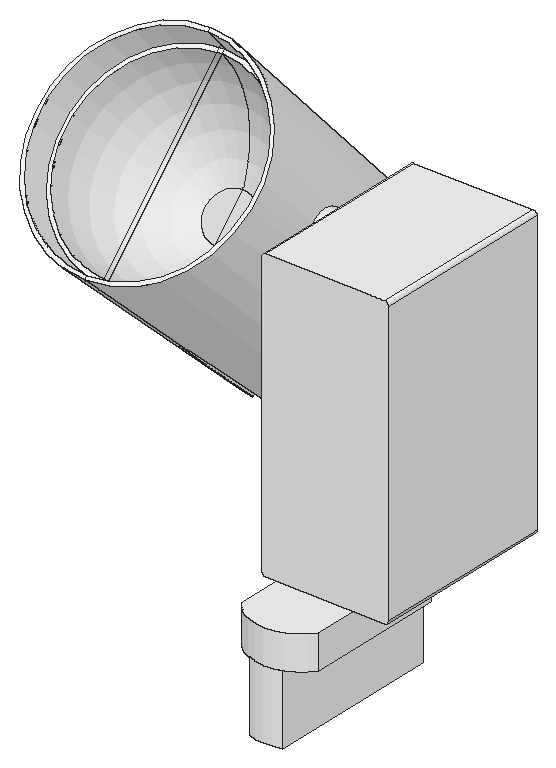
Revit family "0004876 Feilo Sylvania Lighting Fixture START TRACK SPOT S 24W 4K RA90 WB WHITE", category Lighting Fixtures, host Face, Revit 2017 (continued)
Definition of nested family "Start Track Spot Head"
  Types (96, lengths in mm): name | Wattage | built-in parameter 1150134 | Photometric Web File | Model | built-in parameter 1150105 | Lumens | built-in parameter 1150107 | built-in parameter 1150106 | HeadThickness_FEILO | HeadRibOffset_FEILO | HeadRibDepth_FEILO | HeadRibCutWidth_FEILO | HeadRibCutOffset_FEILO | HeadReflectorRadius_FEILO | HeadReflectorOffset_FEILO | HeadLEDRadius_FEILO | HeadHeight_FEILO | HeadDiffusorOffset_FEILO | HeadDiaOut_FEILO | HeadDiaIn_FEILO | HeadAxisFromTop_FEILO | Emit from Circle Diameter | built-in parameter 1150104 | Description | Apparent Load
    0004812 START TRACK SPOT S 14W 3K RA80 MB WHITE | 14 W | (empty or 0) | "0004812.ies" | "START TRACK SPOT S 14W 3K RA80 MB WHITE" | 120.32 (stored number, unit not read) | 1512 lm | 3000 (stored number, unit not read) | 1.2032 (stored number, unit not read) | 1.5 | 4.179 | 55.714 | 7.167 | 50.87 | 50.588 | 55.714 | 9.556 | 117 | 9.435 | 86 | 77.477 | 69.354 | 77.477 | 10.034 (stored number, unit not read) | "Integrated LED spotlight, Textured White - RAL9016, compact and minimalist design, ideal for retail applications, die-cast aluminium body, passive cooling heatsink. Beam angle: 36°, color temperature: 3000K , total system power: 14W, total fixture output: 1508 lm, LOR: 100%, colour rendering: Ra: 80 typical, LED Chromaticity: 3 step MacAdam ellipse, lifetime: >50000 hours at L70B50, energy class: A++, A+, A, IR/UV free light source without heat radiation, operating voltage: 220-240V / 50-60Hz, drive current: 350mA, electronic driver, non-dimmable, power factor: 0.92, electrical protection: Class II, Global Track 3 Phase adapter suitable for Global trac 3-circuit tracks, ingress protection rating: IP20, suitable for internal environment only, horizontal rotation: 355°, vertical tilt: 90°, dimensions: Ø86x140x200, weight: 0.940kg." | 14 VA
    0004811 START TRACK SPOT S 14W 3K RA80 NB WHITE | 14 W | (empty or 0) | "0004811.ies" | "START TRACK SPOT S 14W 3K RA80 NB WHITE" | 123.66 (stored number, unit not read) | 1554 lm | 3000 (stored number, unit not read) | 1.2366 (stored number, unit not read) | 1.5 | 4.179 | 55.714 | 7.167 | 50.87 | 50.588 | 55.714 | 9.556 | 117 | 9.435 | 86 | 77.477 | 69.354 | 77.477 | 10.312 (stored number, unit not read) | "Integrated LED spotlight, Textured White - RAL9016, compact and minimalist design, ideal for retail applications, die-cast aluminium body, passive cooling heatsink. Beam angle: 12°, color temperature: 3000K , total system power: 14W, total fixture output: 1551 lm, LOR: 100%, colour rendering: Ra: 80 typical, LED Chromaticity: 3 step MacAdam ellipse, lifetime: >50000 hours at L70B50, energy class: A++, A+, A, IR/UV free light source without heat radiation, operating voltage: 220-240V / 50-60Hz, drive current: 350mA, electronic driver, non-dimmable, power factor: 0.92, electrical protection: Class II, Global Track 3 Phase adapter suitable for Global trac 3-circuit tracks, ingress protection rating: IP20, suitable for internal environment only, horizontal rotation: 355°, vertical tilt: 90°, dimensions: Ø86x140x200, weight: 0.940kg." | 14 VA
  Reference planes
    plane 1 "Center (Front/Back)": y = 0
    plane 2: z = 0
    plane 3 "Center (Left/Right)": x = 0
    plane 4: x = 43
    plane 5: x = -43
    plane 6: x = -38.739
    plane 7: x = 38.739
    plane 8: z = 69.354
    plane 9: z = -47.646
    plane 10: x = -41.5
    plane 11: x = -37.239
    plane 12: z = -38.211
    plane 13: z = -35.211
    plane 14: z = 8.068
    plane 15: x = -9.556
    plane 16: x = -28.667
    plane 17: x = -19.111
    plane 18: x = -27.167
    plane 19: x = -17.611
    plane 20: x = -8.056
    plane 21: z = 13.64
    plane 22: x = -29.667
    plane 23: x = -26.167
    plane 24: x = -20.111
    plane 25: x = -16.611
    plane 26: x = -10.556
    plane 27: x = -7.056
    plane 28: x = -36.239
    plane 29: x = -40.5
    plane 30: z = 65.175
    plane 31: z = 60.997
    plane 32: z = 56.818
    plane 33: z = 18.484
    plane 34: y = -43
    plane 35: y = 43
    plane 36: y = 3.583
    plane 37: y = -3.583
    plane 38: y = -2.583
    plane 39: y = 2.583
    plane 40: y = 46
    plane 41: z = 13.5
    plane 42: z = -13.5
    plane 43: y = 39
    plane 44: x = 4.708
    plane 45: x = -2.458
    plane 46: x = -1.458
    plane 47: x = 1.458
  Forms (mm)
    Extrusion 1, solid
      sketch origin (4.2, 0, 0) x (1, 0, 0) y (0, 1, 0)
        loop
          line (-1219.2, 1219.2) -> (-1219.2, -1219.2) -> (1219.2, -1219.2) -> (1219.2, 1219.2) -> (-1219.2, 1219.2)
      from 0 to -68.017
    Revolve 2, solid, material <- "Material_1_FEILO", detail levels medium+fine
      sketch origin (0, 0, 0) x (1, 0, 0) y (0, 0, 1)
        loop
          line (-43, -47.646) -> (-41.5, -47.646) -> (-40.5, -35.211) -> (-38.739, -35.211)
          arc (-38.739, -35.211) -> (-30.16, -9.517) -> (-9.556, 8.068) r 50.588
          line (-9.556, 8.068) -> (0, 8.068) -> (0, 13.64) -> (-16.611, 13.64) -> (-17.611, 60.997) -> (-19.111, 60.997) -> (-20.111, 13.64) -> (-36.239, 13.64) -> (-37.239, 69.354) -> (-38.739, 69.354) -> (-43, -47.646)
        axis (0, 69.354) -> (0, -47.646)
      angle from 360 to 0
    Extrusion 3, void
      sketch origin (0, 0, 0) x (0, 1, 0) y (0, 0, 1)
        loop
          line (-3.583, 69.354) -> (-2.583, 18.484) -> (1.932, 18.484) -> (2.932, 69.354) -> (-3.583, 69.354)
      from 43 to -43
    Revolve 4, solid, material <- "Material_2_FEILO", detail levels medium+fine
      sketch origin (0, 0, 0) x (1, 0, 0) y (0, 0, 1)
        loop
          line (-41.5, -38.211) -> (0, -38.211) -> (0, -35.211) -> (-41.5, -35.211) -> (-41.5, -38.211)
        axis (0, -35.211) -> (0, -38.211)
      angle from 360 to 0
    Revolve 5, solid, material <- "Material_1_FEILO"
      sketch origin (0, 0, 0) x (0, 1, 0) y (0, 0, 1)
        loop
          line (46, 0) -> (39, 0) -> (39, -13.5) -> (46, -13.5) -> (46, 0)
        axis (39, 0) -> (46, 0)
      angle from 360 to 0
    Revolve 6, solid, material <- "Material_1_FEILO", detail levels medium+fine
      sketch origin (0, 0, 0) x (1, 0, 0) y (0, 0, 1)
        loop
          line (-29.667, 13.64) -> (-26.167, 13.64) -> (-27.167, 65.175) -> (-28.667, 65.175) -> (-29.667, 13.64)
        loop
          line (-10.556, 13.64) -> (-7.056, 13.64) -> (-7.833, 56.818) -> (-9.778, 56.818) -> (-10.556, 13.64)
        axis (0, 65.175) -> (0, 13.64)
      angle from 360 to 0
    Extrusion 7, void
      sketch origin (0, 0, 0) x (1, 0, 0) y (0, 0, 1)
        loop
          line (4.708, 69.354) -> (-2.458, 69.354) -> (-1.458, 13.64) -> (1.458, 13.64) -> (4.708, 69.354)
      from -43 to 43
    Revolve 8, solid, material <- "Material_1_FEILO", detail levels coarse
      sketch origin (0, 0, 0) x (1, 0, 0) y (0, 0, 1)
        loop
          line (0, 69.354) -> (-38.739, 69.354) -> (-43, -47.646) -> (-41.5, -47.646) -> (-40.731, -38.211) -> (0, -38.211) -> (0, 69.354)
        axis (0, 69.354) -> (0, -47.646)
      angle from 360 to 0
  Cuts and joins
    Extrusion 3 cuts Revolve 2
    Extrusion 7 cuts Revolve 6
  Dimensions and locks
    equal spacing: plane 7, plane 3 "Center (Left/Right)", plane 6
    equal spacing: plane 4, plane 3 "Center (Left/Right)", plane 5
    "HeadDiaOut_FEILO": plane 4 to plane 5
    "HeadDiaIn_FEILO": plane 7 to plane 6
    "HeadHeight_FEILO": plane 8 to plane 9
    "HeadThickness_FEILO": plane 10 to plane 5
    "HeadThickness_FEILO": plane 11 to plane 6
    "HeadDiffusorOffset_FEILO": plane 12 to plane 9
    "HeadDiffusorThickness_FEILO": plane 13 to plane 12
    "HeadReflectorOffset_FEILO": plane 14 to plane 9
    "HeadLEDRadius_FEILO": plane 3 "Center (Left/Right)" to plane 15
    "HeadLEDRadius_FEILO": plane 15 to plane 17
    "HeadLEDRadius_FEILO": plane 17 to plane 16
    "HeadThickness_FEILO": plane 18 to plane 16
    "HeadThickness_FEILO": plane 19 to plane 17
    "HeadThickness_FEILO": plane 20 to plane 15
    "HeadRibDepth_FEILO": plane 8 to plane 21
    "HeadDraft_FEILO": plane 16 to plane 22
    "HeadDraft_FEILO": plane 23 to plane 18
    "HeadDraft_FEILO": plane 17 to plane 24
    "HeadDraft_FEILO": plane 25 to plane 19
    "HeadDraft_FEILO": plane 15 to plane 26
    "HeadDraft_FEILO": plane 27 to plane 20
    "HeadDraft_FEILO": plane 29 to plane 10
    "HeadDraft_FEILO": plane 28 to plane 11
    "HeadRibOffset_FEILO": plane 8 to plane 30
    "HeadRibOffset_FEILO": plane 30 to plane 31
    "HeadRibOffset_FEILO": plane 31 to plane 32
    "HeadAxisFromTop_FEILO": plane 8 to plane 2
    "HeadRibCutOffset_FEILO": plane 8 to plane 33
    equal spacing: plane 34, plane 1 "Center (Front/Back)", plane 35
    "HeadDiaOut_FEILO": plane 34 to plane 35
    equal spacing: plane 38, plane 1 "Center (Front/Back)", plane 39
    equal spacing: plane 37, plane 1 "Center (Front/Back)", plane 36
    "HeadRibCutWidth_FEILO": plane 37 to plane 36
    "HeadDraft_FEILO": plane 37 to plane 38
    locked: plane 35 to plane 40 at 3
    equal spacing: plane 41, plane 2, plane 42
    locked: plane 42 to plane 41 at 27
    locked: plane 43 to plane 35 at 4
    equal spacing: plane 45, imposter light, plane 44
    "HeadDraft_FEILO": plane 46 to plane 45
    "HeadRibCutWidth_FEILO": plane 44 to plane 45
    equal spacing: plane 47, plane 3 "Center (Left/Right)", plane 46
    "HeadReflectorRadius_FEILO": radius of Revolve 2 sketch curve
    aligned and locked: plane 2 to Extrusion 1
    aligned and locked: level to Extrusion 1
    aligned and locked: Revolve 2 sketch curve to plane 3 "Center (Left/Right)"  (x2)
    aligned and locked: plane 9 to Revolve 2 sketch curve  (x2)
    aligned and locked: plane 5 to Revolve 2 sketch curve
    aligned and locked: plane 10 to Revolve 2 sketch curve
    aligned and locked: plane 14 to Revolve 2 sketch curve
    aligned and locked: plane 8 to Revolve 2 sketch curve
    aligned and locked: Revolve 2 sketch curve to plane 13
    aligned and locked: plane 12 to Revolve 4 sketch curve
    aligned and locked: plane 3 "Center (Left/Right)" to Revolve 4 sketch curve
    aligned and locked: Revolve 4 sketch curve to plane 10
    aligned and locked: Revolve 4 sketch curve to plane 3 "Center (Left/Right)"
    aligned and locked: plane 12 to imposter light
    aligned and locked: imposter light to plane 1 "Center (Front/Back)"
    aligned and locked: Revolve 5 sketch curve to plane 2
    aligned and locked: plane 43 to Revolve 5 sketch curve
    aligned and locked: plane 42 to Revolve 5 sketch curve
    aligned and locked: Revolve 6 sketch curve to plane 3 "Center (Left/Right)"
    aligned and locked: plane 22 to Revolve 6 sketch curve
    aligned and locked: plane 30 to Revolve 6 sketch curve
    aligned and locked: plane 23 to Revolve 6 sketch curve
    aligned and locked: Revolve 6 sketch curve to plane 21  (x2)
    aligned and locked: plane 21 to Revolve 6 sketch curve
    aligned and locked: plane 17 to Revolve 2 sketch curve
    aligned and locked: plane 19 to Revolve 2 sketch curve
    aligned and locked: plane 31 to Revolve 2 sketch curve
    aligned and locked: plane 21 to Revolve 2 sketch curve
    aligned and locked: Extrusion 3 to plane 8
    aligned and locked: plane 33 to Extrusion 3
    aligned and locked: plane 8 to Extrusion 3 sketch curve
    aligned and locked: Extrusion 3 sketch curve to plane 33
    aligned and locked: Extrusion 3 to plane 5
    aligned and locked: plane 4 to Extrusion 3
    aligned and locked: plane 32 to Revolve 6 sketch curve
    aligned and locked: plane 44 to Extrusion 7 sketch curve
    aligned and locked: Extrusion 7 sketch curve to plane 8
    aligned and locked: plane 46 to Extrusion 7 sketch curve
    aligned and locked: plane 21 to Extrusion 7 sketch curve
    aligned and locked: plane 34 to Extrusion 7
    aligned and locked: Extrusion 7 to plane 35
    aligned and locked: Revolve 4 sketch curve to plane 13
    aligned and locked: Revolve 5 sketch curve to plane 40
    aligned and locked: Revolve 8 sketch curve to plane 3 "Center (Left/Right)"
    aligned and locked: Revolve 8 sketch curve to cut or joined group of Revolve 2, Extrusion 3  (x3)
    aligned and locked: plane 5 to Revolve 8 sketch curve
    aligned and locked: plane 3 "Center (Left/Right)" to Revolve 8 sketch curve
    aligned and locked: plane 12 to Revolve 8 sketch curve
  Automatic sketch dimensions
    Extrusion 1 sketch curve to Extrusion 1 sketch curve = 2438.4 mm  (x2)
    Extrusion 3 sketch curve to plane 37 = 0 mm
    Extrusion 3 sketch curve to plane 38 = 0 mm
    plane 39 to Extrusion 3 sketch curve = 0.651 mm
    Extrusion 3 sketch curve to plane 39 = 0.349 mm
    Revolve 6 sketch curve to plane 16 = 0 mm
    Revolve 6 sketch curve to plane 18 = 0 mm
    Revolve 6 sketch curve to plane 26 = 0 mm
    Revolve 6 sketch curve to plane 27 = 0 mm
    Revolve 6 sketch curve to plane 15 = 0.222 mm
    plane 9 to Revolve 6 sketch curve = 559.103 mm
    Revolve 6 sketch curve to plane 8 = 2535.555 mm
    plane 20 to Revolve 6 sketch curve = 0.222 mm
    Revolve 2 sketch curve to plane 29 = 0 mm
    Revolve 2 sketch curve to plane 6 = 0 mm  (x2)
    Revolve 2 sketch curve to plane 11 = 0 mm
    Revolve 2 sketch curve to plane 21 = 0 mm
    Revolve 2 sketch curve to plane 28 = 0 mm
    Revolve 2 sketch curve to plane 24 = 0 mm
    Revolve 2 sketch curve to plane 25 = 0 mm
    Revolve 2 sketch curve to plane 15 = 0 mm
    Revolve 2 sketch curve to Revolve 2 sketch curve = 557.155 mm
    Revolve 2 sketch curve to plane 8 = 2535.558 mm
    Extrusion 7 sketch curve to plane 45 = 0 mm
    Extrusion 7 sketch curve to plane 47 = 0 mm
    plane 9 to Revolve 4 sketch curve = 559.103 mm
    Revolve 4 sketch curve to plane 8 = 2535.555 mm
    Revolve 5 sketch curve to level = 0 mm
    plane 34 to Revolve 5 sketch curve = 1968.092 mm
    Revolve 5 sketch curve to plane 40 = 1405.763 mm
    Revolve 8 sketch curve to plane 6 = 0 mm
    Revolve 8 sketch curve to plane 29 = 0.231 mm
    plane 9 to Revolve 8 sketch curve = 559.103 mm
    Revolve 8 sketch curve to Revolve 8 sketch curve = 2535.555 mm
Definition of nested family "Start Track Spot Box"
  Parameters (values of type "Type Large White")
    URL = "http://www.feilosylvania.com"
    Type Image = (empty or 0)
    Type Comments = "n/a"
    Small_FEILO = no
    Material_3_FEILO = none
    Model = ""
    Manufacturer = "Feilo Sylvania"
    Keynote = ""
    Material_2_FEILO = none
    Description = ""
    Default Elevation = 1219.2 mm
    Cost = 0
    Material_1_FEILO = none
    BoxWidth_FEILO = 49 mm
    BoxStartAngle_FEILO [instance] = 0.00°
    BoxRadius_FEILO = 1.5 mm
    BoxHeight_FEILO = if(Small_FEILO, 112 mm, 136 mm)  # 136 mm
    BoxEndAngle_FEILO [instance] = BoxStartAngle_FEILO - 180.00°  # -180.00°
    BoxDepth_FEILO = if(Small_FEILO, 71.5 mm, 79 mm)  # 79 mm
    BoxAxisVerticalOffset_FEILO = 16 mm
    BoxAxisOffset_FEILO = BoxHeight_FEILO / 6.8  # 20 mm
    Assembly Code = ""
    Material_4_FEILO = none
  Types (4, lengths in mm): name | Small_FEILO | BoxHeight_FEILO | BoxDepth_FEILO | BoxAxisOffset_FEILO
    Type Large White | no | 136 | 79 | 20
    Type Small White | yes | 112 | 71.5 | 16.471
    Type Small Black | yes | 112 | 71.5 | 16.471
    Type Large Black | no | 136 | 79 | 20
  Reference planes
    plane 1 "Center (Front/Back)": y = 0
    plane 2: z = 0
    plane 3 "Center (Left/Right)": x = 0
    plane 4: x = 24.5
    plane 5: x = -24.5
    plane 6: y = 68
    plane 7: y = -68
    plane 8: z = 39.5
    plane 9: z = -39.5
    plane 10: y = -48
    plane 11: x = 30.5
    plane 12: x = 8.5
    plane 13: x = 21.5
    plane 14: y = 70
    plane 15: y = 72
    plane 16: x = 19.5
  Forms (mm)
    Extrusion 1, solid
      sketch origin (4.2, 0, 0) x (1, 0, 0) y (0, 1, 0)
        loop
          line (-1219.2, 1219.2) -> (-1219.2, -1219.2) -> (1219.2, -1219.2) -> (1219.2, 1219.2) -> (-1219.2, 1219.2)
      from 0 to -68.017
    Extrusion 2, solid, material <- "Material_1_FEILO"
      sketch origin (0, 0, 0) x (1, 0, 0) y (0, 1, 0)
        loop
          arc (-23, 68) -> (-24.061, 67.561) -> (-24.5, 66.5) r 1.5
          line (-24.5, 66.5) -> (-24.5, -66.5)
          arc (-24.5, -66.5) -> (-24.061, -67.561) -> (-23, -68) r 1.5
          line (-23, -68) -> (23, -68)
          arc (23, -68) -> (24.061, -67.561) -> (24.5, -66.5) r 1.5
          line (24.5, -66.5) -> (24.5, 66.5)
          arc (24.5, 66.5) -> (24.061, 67.561) -> (23, 68) r 1.5
          line (23, 68) -> (-23, 68)
      from -39.5 to 39.5
    Revolve 3, solid, not visible
      sketch origin (0, 0, 0) x (1, 0, 0) y (0, 1, 0)
        loop
          line (30.5, -48) -> (24.5, -48) -> (24.5, -68) -> (30.5, -68) -> (30.5, -48)
        axis (30.5, -48) -> (24.5, -48)
      angle from 0 <- "BoxStartAngle_FEILO" to -180 <- "BoxEndAngle_FEILO"
    Revolve 4, solid, material <- "Material_2_FEILO"
      sketch origin (0, 0, 0) x (1, 0, 0) y (0, 1, 0)
        loop
          line (8.5, 68) -> (19.5, 68) -> (19.5, 70) -> (21.5, 70) -> (21.5, 72) -> (8.5, 72) -> (8.5, 68)
        axis (8.5, 72) -> (8.5, 68)
      angle from 360 to 0
  Dimensions and locks
    equal spacing: plane 5, plane 3 "Center (Left/Right)", plane 4
    "BoxWidth_FEILO": plane 5 to plane 4
    equal spacing: plane 7, plane 1 "Center (Front/Back)", plane 6
    "BoxHeight_FEILO": plane 7 to plane 6
    equal spacing: plane 8, plane 2, plane 9
    "BoxDepth_FEILO": plane 8 to plane 9
    "BoxAxisOffset_FEILO": plane 7 to plane 10
    locked: plane 4 to plane 11 at 6
    "BoxAxisVerticalOffset_FEILO": plane 12 to plane 4
    locked: plane 12 to plane 13 at 13
    plane 6 to plane 14 to plane 15 = 2 mm locked, 2 mm locked
    locked: plane 12 to plane 16 at 11
    "BoxRadius_FEILO": radius of Extrusion 2 sketch curve  (x4)
    aligned and locked: plane 2 to Extrusion 1
    aligned and locked: level to Extrusion 1
    aligned and locked: plane 6 to Extrusion 2 sketch curve
    aligned and locked: plane 5 to Extrusion 2 sketch curve
    aligned and locked: Extrusion 2 sketch curve to plane 7
    aligned and locked: Extrusion 2 sketch curve to plane 4
    aligned and locked: Extrusion 2 to plane 8
    aligned and locked: plane 9 to Extrusion 2
    aligned and locked: Revolve 3 sketch curve to plane 10  (x2)
    aligned and locked: plane 11 to Revolve 3 sketch curve
    aligned and locked: Revolve 3 sketch curve to plane 4
    aligned and locked: plane 7 to Revolve 3 sketch curve
    aligned and locked: Revolve 4 sketch curve to plane 12
    aligned and locked: plane 6 to Revolve 4 sketch curve
    aligned and locked: plane 12 to Revolve 4 sketch curve
    aligned and locked: plane 15 to Revolve 4 sketch curve
    aligned and locked: Revolve 4 sketch curve to plane 13
    aligned and locked: Revolve 4 sketch curve to plane 14
    aligned and locked: Revolve 4 sketch curve to plane 16
    aligned and locked: Revolve 4 sketch curve to plane 6
  Automatic sketch dimensions
    Extrusion 1 sketch curve to Extrusion 1 sketch curve = 2438.4 mm  (x2)
    Revolve 3 sketch curve to plane 5 = 1499.5 mm
    plane 11 to Revolve 3 sketch curve = 1493.5 mm
    plane 15 to Revolve 4 sketch curve = 0 mm
    plane 7 to Revolve 4 sketch curve = 1456 mm
    Revolve 4 sketch curve to plane 15 = 1452 mm
